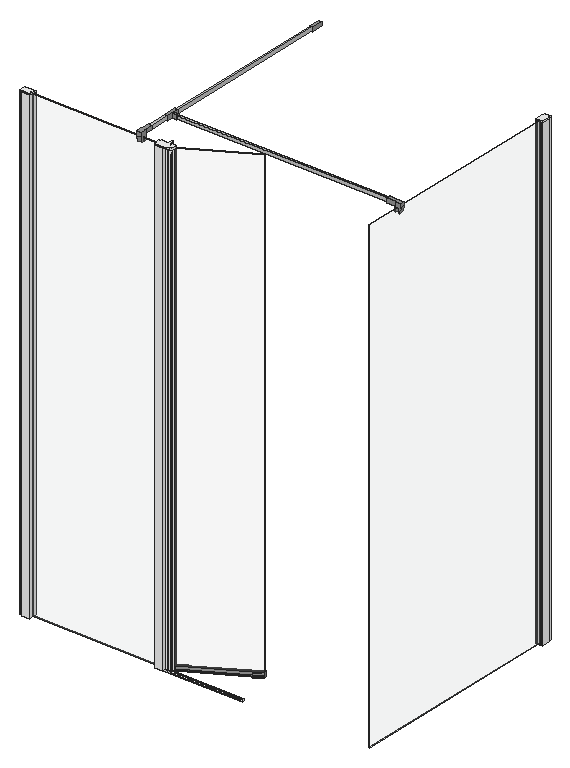
Revit family "Sanitary_Shower-screens_Duscholux_Giro_Separator-Fixed-Segnment+Pivot-door-180°+side-panel-90°-shower", category Plumbing Fixtures, Revit 2016
Family settings
  Part Type = Normal
  Round Connector Dimension = Use Diameter
  OmniClass Number = 23.45.00.00
  OmniClass Title = Sanitary, Laundry, and Cleaning Equipment
  Work Plane-Based = No
  Always vertical = Yes
  Cut with Voids When Loaded = No
  Shared = No
  Room Calculation Point = No
Parameters (values of type "White Aluminium Finish")
  Width = 900 mm
  Uniclass 2015 Description = "Shower Enclosures"
  Uniclass 2015 Code = "PR-40-20-06-79"
  URL = "http://www.duscholux.es/"
  UNSPSC Code = "30181507"
  Thickness Glass = 5 mm  # constant formula
  Technical Inspection Certificate (Applus) = "http://www.duscholux.es/resources/custom/var/APPLUS_en.pdf"
  Support Lenght = 900 mm
  Series = "Plus Evolution Giro"
  Region South America = "Consult"
  Region Oceania = "Consult"
  Region North America = "Consult"
  Region Middle East = "Consult"
  Region Europe = "AD, ES, FR, PT"
  Region Asia = "Consult"
  Region Antartica = "Consult"
  Region Africa = "Consult"
  Ref. = "71L / 71R"
  Products = "http://www.duscholux.es/mamparas_filtro.aspx?es"
  Product group = "Fixed panel"
  Product family = "Plus Evolution Giro"
  Opening System Image = "http://blob.duscholux.es/pluma512/SDIzq2f1pabatible180.gif"
  Opening System = "Pivot Door"
  Opening angle = -30.00°
  Offset angle support = 150 mm
  Offset Support = 120 mm
  Net Weight (Kg) = 49.4
  NBS Reference Description = "Shower Enclosures"
  NBS Reference Code = "45-35-70"
  Model = ""
  Min Max Width = if(Width < 700 mm, 700 mm, if(Width > 1400 mm, 1400 mm, Width))  # 900 mm
  Max Height = if(Height > 2000 mm, 2000 mm, Height)  # 1900 mm
  Manufacturer name = "Duscholux Ibérica, S.A."
  Manufacturer country = "Spain"
  Maintenance and Cleaning = "http://www.duscholux.es/mamparas_limpieza.aspx?en"
  Angle Support Lenght = Offset Support + Pivot door + Access  # 920 mm
  Image = "http://www.duscholux.es/resources/custom/img/mamparas/PLUS%20EVOLUTION%20GIRO/modelos/2F1PSDA/mampara_h.jpg"
  IFC Classification = "Furnishing Element"
  Height = 1900 mm
  Handle Material = White Finish
  Handle Height = Max Height / 2  # 950 mm
  Glass in Building UNE EN 12150 = "CE Conformity marking"
  Glass Material = Glass_Material-Duscholux
  Frame Material = White Aluminium Finish
  Fixed segment = Width - 300 mm  # 600 mm
  Fact Sheet = "http://blob.duscholux.es/enpdf2018/Giro2F1PSDB.pdf"
  Manufacturer = "Duscholux Ibérica, S.A."
  Environmental Management ISO 14001 = "ECOEMBES Certificate"
  Edition number = "1"
  Pivot door = Width - Fixed segment  # 300 mm
  Design country = "Spain / Germany"
  Description = "1 fixed segment + 1 pivot door at 180º + side panel 90º on partition wall"
  Date of publishing = ""
  Assembly Code = "C1030200"
  Configuration enclosure = "http://configuratumampara.duscholux.es/eCatalogo.aspx"
  Components = "Eropean components"
  Type Comments = ""
  Combinations = ""
  Certified Quality UNE EN 14428 = "http://www.duscholux.es/duscholux_downloads.aspx?es"
  COBIe Type Category = ""
  Brand = "Duscholux"
  Accesories Material = White Finish
  Access = 500 mm
Types (4, lengths in mm): name | Width | Support Lenght | Min Max Width | Angle Support Lenght | Handle Material | Frame Material | Fixed segment | Accesories Material | Access
  (no name) | 900 | 900 | 900 | 920 | White Finish | White Aluminium Finish | 600 | White Finish | 500
  Silver Matt Aluminium Finish | 1000 | 800 | 1000 | 820 | Matt Silver Aluminium Finish | Matt Silver Aluminium Finish | 700 | Plastic, Gray | 400
  Shiny Silver Finish | 1000 | 800 | 1000 | 820 | Matt Silver Aluminium Finish | Shiny Silver  Aluminium Finish | 700 | Plastic, Gray | 400
  White Aluminium Finish | 900 | 900 | 900 | 920 | White Finish | White Aluminium Finish | 600 | White Finish | 500
Reference planes
  plane 1 "Centro (Frontal/Posterior)": y = 0
  plane 2: z = 0
  plane 3 "Centro (Izquierda/Derecha)": x = 0
  plane 4: z = 1900
  plane 5: x = 900
  plane 6: z = 950
  plane 7: z = 0
  plane 8: z = 8
  plane 9: y = -15.3
  plane 10: z = 1896
  plane 11: x = 600
  plane 12: x = 480
  plane 13: y = 900
  plane 14: x = 1400
  plane 15: y = 150
Forms (mm)
  Extrusion 1, solid, material "Glass_Material-Duscholux" <- "Glass Material"
    sketch origin (595.09, 14.832, 0) x (0.866025, 0.5, 0) y (-0.5, 0.866025, 0)
      loop
        line (-0.257, -12.8) -> (-0.257, -17.8) -> (296.836, -17.8) -> (296.836, -12.8) -> (-0.257, -12.8)
    from 8 to 1892
  Extrusion 2, solid, material "White Aluminium Finish" <- "Frame Material", detail levels medium+fine
    sketch origin (0, 32.415, 0) x (0, 1, 0) y (0, 0, 1)
      loop
        line (-48.975, 0) -> (-39.375, 0) -> (-39.375, 3)
        arc (-39.375, 3) -> (-39.96, 4.414) -> (-41.375, 5) r 2
        line (-41.375, 5) -> (-46.975, 5)
        arc (-46.975, 5) -> (-48.389, 4.414) -> (-48.975, 3) r 2
        line (-48.975, 3) -> (-48.975, 0)
    from 612.745 to 900
  Extrusion 3, solid, material "White Aluminium Finish" <- "Frame Material"
    sketch origin (0, 0, 0) x (1, 0, 0) y (0, 1, 0)
      loop
        line (543.416, 9.29) -> (543.416, 1.79) -> (553.916, 1.79) -> (553.916, -6.21) -> (543.416, -6.21) -> (543.416, -13.71) -> (571.466, -13.71) -> (571.466, -12.36) -> (544.766, -12.36) -> (544.766, -7.555) -> (555.266, -7.555) -> (555.266, 3.135) -> (544.766, 3.135) -> (544.766, 7.94) -> (571.466, 7.94) -> (571.466, 9.29) -> (543.416, 9.29)
    from 0 to 1892
  Extrusion 4, solid, material "White Aluminium Finish" <- "Frame Material"
    sketch origin (0, 0, 0) x (1, 0, 0) y (0, 1, 0)
      loop
        line (43.002, 12.565) -> (11.652, 12.565) -> (11.652, 9.593) -> (41.752, 9.593) -> (41.752, 3.037) -> (31.002, 3.037) -> (31.002, -7.457) -> (41.752, -7.457) -> (41.752, -14.013) -> (11.652, -14.013) -> (11.652, -16.985) -> (43.002, -16.985) -> (43.002, -6.207) -> (32.502, -6.207) -> (32.502, 1.787) -> (43.002, 1.787) -> (43.002, 12.565)
    from 0 to 1892
  Extrusion 5, solid, material "White Aluminium Finish" <- "Frame Material"
    sketch origin (0, 0, 0) x (1, 0, 0) y (0, 1, 0)
      loop
        line (31.002, 9.392) -> (0, 9.392) -> (0, 7.892) -> (1.25, 7.892) -> (1.25, -12.308) -> (0, -12.308) -> (0, -13.808) -> (31.002, -13.808) -> (31.002, -12.308) -> (2.752, -12.308) -> (2.752, 7.892) -> (31.002, 7.892) -> (31.002, 9.392)
    from 0 to 1892
  Extrusion 6, solid, material "Glass_Material-Duscholux" <- "Glass Material"
    sketch origin (0, -2.21, 0) x (1, 0, 0) y (0, 1, 0)
      loop
        line (32.502, 2.5) -> (32.502, -2.5) -> (553.916, -2.5) -> (553.916, 2.5) -> (32.502, 2.5)
    from 0 to 1892
  Extrusion 7, solid, material "White Aluminium Finish" <- "Frame Material"
    sketch origin (73.4, 0, 0) x (1, 0, 0) y (0, 1, 0)
      loop
        line (508.517, 28.54) -> (504.867, 28.54) -> (504.867, 10.89) -> (478.367, 10.89) -> (478.367, 9.39) -> (503.497, 9.39) -> (503.497, -13.81) -> (476.567, -13.81) -> (476.567, -20.87) -> (509.417, -20.87) -> (509.417, -12.5) -> (512.866, -12.5) -> (518.371, -6)
        arc (518.371, -6) -> (516.367, -0.015) -> (518.255, 6.008) r 10.234
        line (518.255, 6.008) -> (512.866, 14) -> (512.866, 15.023) -> (511.24, 24.249) -> (508.517, 28.54)
    from 0 to 1892
  Extrusion 8, solid, material "White Finish" <- "Accesories Material", detail levels medium+fine
    sketch origin (0, 0, 0) x (1, 0, 0) y (0, 1, 0)
      loop
        line (582.817, -18) -> (612.745, -18) -> (612.745, -4.689) -> (605.148, -8.76)
        arc (605.148, -8.76) -> (597.932, -9.938) -> (591.771, -6) r 10.234
        line (591.771, -6) -> (586.266, -12.5) -> (582.817, -12.5) -> (582.817, -18)
    from 0 to 6
  Extrusion 9, solid, material "White Aluminium Finish" <- "Frame Material"
    sketch origin (600, 0, 0) x (0.866025, 0.5, 0) y (-0.5, 0.866025, 0)
      loop
        line (12.745, 4.857) -> (5.148, 8.929)
        arc (5.148, 8.929) -> (-10.234, 0.084) -> (5.148, -8.76) r 10.234
        line (5.148, -8.76) -> (12.745, -4.689) -> (12.745, -3.689) -> (2.907, -3.689) -> (2.907, 3.857) -> (12.745, 3.857) -> (12.745, 4.857)
      loop
        circle (0, 0.084) r 1.482
    from 0 to 1892
  Extrusion 10, solid, material "White Finish" <- "Accesories Material"
    sketch origin (0, 0, 0) x (1, 0, 0) y (0, 1, 0)
      loop
        line (43.002, 12.565) -> (11.652, 12.565) -> (11.652, 9.392) -> (0, 9.392) -> (0, -13.808) -> (11.652, -13.808) -> (11.652, -16.985) -> (43.002, -16.985) -> (43.002, 12.565)
    from 1892 to 1896
  Extrusion 11, solid, material "White Finish" <- "Accesories Material"
    sketch origin (0, 0, 0) x (1, 0, 0) y (0, 1, 0)
      loop
        line (551.767, 10.89) -> (551.767, 9.29) -> (543.416, 9.29) -> (543.416, -13.71) -> (549.967, -13.71) -> (549.967, -20.87) -> (582.409, -20.87) -> (604.754, -12.738)
        arc (604.754, -12.738) -> (613.673, 0) -> (604.754, 12.738) r 13.555
        line (604.754, 12.738) -> (585.429, 19.771) -> (584.64, 24.249) -> (581.917, 28.54) -> (578.267, 28.54) -> (578.267, 10.89) -> (551.767, 10.89)
    from 1892 to 1896
  Extrusion 12, solid, material "White Aluminium Finish" <- "Frame Material"
    sketch origin (0, 0, 0) x (1, 0, 0) y (0, 1, 0)
      loop
        line (1414.773, 888.348) -> (1411.8, 888.348) -> (1411.8, 858.248) -> (1405.245, 858.248) -> (1405.245, 868.998) -> (1394.75, 868.998) -> (1394.75, 858.248) -> (1388.195, 858.248) -> (1388.195, 888.348) -> (1385.223, 888.348) -> (1385.223, 856.998) -> (1396, 856.998) -> (1396, 867.498) -> (1403.995, 867.498) -> (1403.995, 856.998) -> (1414.773, 856.998) -> (1414.773, 888.348)
    from 0 to 1892
  Extrusion 13, solid, material "White Aluminium Finish" <- "Frame Material"
    sketch origin (0, 0, 0) x (1, 0, 0) y (0, 1, 0)
      loop
        line (1410.1, 897.248) -> (1410.1, 868.998) -> (1411.6, 868.998) -> (1411.6, 900) -> (1410.1, 900) -> (1410.1, 898.75) -> (1389.9, 898.75) -> (1389.9, 900) -> (1388.4, 900) -> (1388.4, 868.998) -> (1389.9, 868.998) -> (1389.9, 897.248) -> (1410.1, 897.248)
    from 0 to 1892
  Extrusion 14, solid, material "White Finish" <- "Accesories Material"
    sketch origin (0, 0, 0) x (1, 0, 0) y (0, 1, 0)
      loop
        line (1388.4, 900) -> (1388.4, 888.348) -> (1385.223, 888.348) -> (1385.223, 856.998) -> (1414.773, 856.998) -> (1414.773, 888.348) -> (1411.6, 888.348) -> (1411.6, 900) -> (1388.4, 900)
    from 1892 to 1896
  Extrusion 15, solid, material "Glass_Material-Duscholux" <- "Glass Material"
    sketch origin (0, 0, 0) x (1, 0, 0) y (0, 1, 0)
      loop
        line (1397.498, 867.498) -> (1397.498, 0) -> (1402.498, 0) -> (1402.498, 867.498) -> (1397.498, 867.498)
    from 0 to 1892
Lines and regions (mm)
  reference lines
    curve 1: line (600, 0, 0) -> (859.808, 150, 0)
  symbolic lines, detail levels fine
    curve 2: line (600, 0, 0) -> (600, 300, 0)
    curve 3: line (600, 0, 0) -> (600, -300, 0)
    curve 4: arc (600, 300, 0) -> (900, 0, 0) -> (600, -300, 0) r 300
Dimensions and locks
  "Thickness Glass": Extrusion 1 to Extrusion 1
  plane 8 to level = 8 mm
  "Max Height": plane 4 to level
  "Min Max Width": plane 3 "Centro (Izquierda/Derecha)" to plane 5
  "Handle Height": plane 6 to level
  locked: plane 4 to Extrusion 1 at 8
  locked: plane 4 to plane 10 at 4
  "Fixed segment": plane 3 "Centro (Izquierda/Derecha)" to plane 11
  "Pivot door": curve 1 to curve 1
  plane 3 "Centro (Izquierda/Derecha)" to Extrusion 10 = 43.002 mm
  locked: plane 11 to Extrusion 8 at 12.745
  "Offset Support": plane 12 to plane 11
  "Support Lenght": plane 1 "Centro (Frontal/Posterior)" to plane 13
  "Angle Support Lenght": plane 12 to plane 14
  "Offset angle support": plane 15 to plane 1 "Centro (Frontal/Posterior)"
  plane 5 to plane 14 = 500 mm
  locked: Extrusion 11 to plane 11 at 56.584
  "Pivot door": curve 2 to curve 2
  "Pivot door": nested 2 to curve 3
  "Opening angle": angle curve 1 to plane 1 "Centro (Frontal/Posterior)"
  aligned and locked: level to plane 2
  aligned and locked: Extrusion 1 to plane 8
  aligned and locked: Extrusion 1 to Extrusion 3
  aligned and locked: Extrusion 1 to Extrusion 4
  aligned and locked: Extrusion 1 to Extrusion 5
  aligned and locked: Extrusion 6 to Extrusion 3
  aligned and locked: Extrusion 6 to Extrusion 4
  aligned and locked: Extrusion 1 to Extrusion 6
  aligned and locked: Extrusion 1 to Extrusion 7
  aligned and locked: Extrusion 8 to plane 7
  aligned and locked: Extrusion 1 to Extrusion 9
  aligned and locked: plane 11 to curve 1
  aligned and locked: plane 1 "Centro (Frontal/Posterior)" to curve 1
  aligned and locked: Extrusion 10 to Extrusion 4
  aligned and locked: plane 10 to Extrusion 10
  aligned and locked: Extrusion 11 to Extrusion 1
  aligned and locked: plane 10 to Extrusion 11
  aligned and locked: Extrusion 1 to curve 1
  aligned and locked: nested 1 to Extrusion 9
  aligned and locked: Extrusion 2 to Extrusion 8
  aligned and locked: nested 1 to Extrusion 1
  aligned and locked: plane 5 to Extrusion 2
  aligned and locked: Extrusion 12 to Extrusion 1
  aligned and locked: Extrusion 13 to Extrusion 1
  aligned and locked: Extrusion 14 to Extrusion 12
  aligned and locked: plane 10 to Extrusion 14
  aligned and locked: Extrusion 12 to Extrusion 15 sketch curve
  aligned and locked: plane 1 "Centro (Frontal/Posterior)" to Extrusion 15
  aligned and locked: Extrusion 15 to Extrusion 1
  aligned and locked: plane 12 to nested 2
  aligned and locked: Extrusion 6 to nested 2
  aligned and locked: plane 13 to nested 2
  aligned and locked: Extrusion 11 to Extrusion 3
Automatic sketch dimensions
  Extrusion 2 sketch curve to level = 0 mm
  plane 9 to Extrusion 2 sketch curve = 1.259 mm
  Extrusion 2 sketch curve to Extrusion 2 sketch curve = 2 mm  (x2)
  Extrusion 2 sketch curve to Extrusion 2 sketch curve = 5.6 mm
  Extrusion 2 sketch curve to Extrusion 2 sketch curve = 3 mm
  Extrusion 12 sketch curve to plane 14 = 14.777 mm
  Extrusion 12 sketch curve to plane 14 = 5.25 mm
  Extrusion 12 sketch curve to Extrusion 12 sketch curve = 1.25 mm  (x4)
  plane 14 to Extrusion 12 sketch curve = 3.995 mm
  Extrusion 12 sketch curve to Extrusion 12 sketch curve = 6.555 mm
  Extrusion 12 sketch curve to Extrusion 12 sketch curve = 2.972 mm  (x2)
  Extrusion 12 sketch curve to plane 13 = 43.002 mm
  Extrusion 12 sketch curve to Extrusion 12 sketch curve = 0 mm
  Extrusion 12 sketch curve to Extrusion 12 sketch curve = 9.25 mm
  Extrusion 12 sketch curve to Extrusion 12 sketch curve = 1.5 mm
  Extrusion 12 sketch curve to plane 13 = 11.652 mm  (x2)
  Extrusion 13 sketch curve to plane 13 = 0 mm  (x2)
  Extrusion 13 sketch curve to plane 14 = 11.6 mm
  Extrusion 13 sketch curve to Extrusion 13 sketch curve = 1.5 mm  (x2)
  Extrusion 13 sketch curve to Extrusion 13 sketch curve = 0 mm  (x3)
  Extrusion 13 sketch curve to plane 13 = 2.752 mm
  plane 14 to Extrusion 13 sketch curve = 10.1 mm
  Extrusion 13 sketch curve to Extrusion 13 sketch curve = 28.25 mm
  Extrusion 13 sketch curve to plane 13 = 1.25 mm
  Extrusion 14 sketch curve to plane 13 = 0 mm
  Extrusion 14 sketch curve to plane 14 = 14.777 mm
  Extrusion 14 sketch curve to Extrusion 14 sketch curve = 3.177 mm
  Extrusion 14 sketch curve to Extrusion 14 sketch curve = 11.652 mm
  Extrusion 14 sketch curve to plane 13 = 11.652 mm
  Extrusion 14 sketch curve to Extrusion 14 sketch curve = 31.35 mm
  plane 14 to Extrusion 14 sketch curve = 11.6 mm
  Extrusion 14 sketch curve to Extrusion 14 sketch curve = 3.173 mm
  curve 1 to Extrusion 1 sketch curve = 0 mm
  Extrusion 1 sketch curve to curve 1 = 2.5 mm
  curve 1 to Extrusion 1 sketch curve = 2.5 mm
  curve 1 to Extrusion 1 sketch curve = 2.907 mm
  Extrusion 3 sketch curve to plane 1 "Centro (Frontal/Posterior)" = 9.29 mm
  plane 12 to Extrusion 3 sketch curve = 63.416 mm
  Extrusion 3 sketch curve to plane 9 = 1.59 mm
  Extrusion 3 sketch curve to Extrusion 3 sketch curve = 0 mm
  Extrusion 3 sketch curve to Extrusion 3 sketch curve = 1.35 mm  (x5)
  Extrusion 3 sketch curve to Extrusion 3 sketch curve = 9.15 mm
  Extrusion 3 sketch curve to Extrusion 3 sketch curve = 16.2 mm  (x2)
  Extrusion 3 sketch curve to Extrusion 3 sketch curve = 4.805 mm
  Extrusion 3 sketch curve to Extrusion 3 sketch curve = 1.345 mm  (x2)
  Extrusion 3 sketch curve to plane 1 "Centro (Frontal/Posterior)" = 1.79 mm
  Extrusion 4 sketch curve to plane 9 = 1.287 mm
  plane 3 "Centro (Izquierda/Derecha)" to Extrusion 4 sketch curve = 11.652 mm  (x2)
  Extrusion 4 sketch curve to plane 1 "Centro (Frontal/Posterior)" = 3.037 mm
  Extrusion 4 sketch curve to Extrusion 4 sketch curve = 19.35 mm
  Extrusion 4 sketch curve to Extrusion 4 sketch curve = 1.5 mm
  Extrusion 4 sketch curve to Extrusion 4 sketch curve = 9.25 mm  (x2)
  Extrusion 4 sketch curve to Extrusion 4 sketch curve = 1.25 mm  (x3)
  plane 9 to Extrusion 4 sketch curve = 1.685 mm
  Extrusion 4 sketch curve to Extrusion 4 sketch curve = 6.555 mm  (x2)
  Extrusion 4 sketch curve to plane 1 "Centro (Frontal/Posterior)" = 1.787 mm
  Extrusion 4 sketch curve to Extrusion 4 sketch curve = 2.972 mm
  Extrusion 5 sketch curve to plane 3 "Centro (Izquierda/Derecha)" = 0 mm  (x2)
  plane 3 "Centro (Izquierda/Derecha)" to Extrusion 5 sketch curve = 1.25 mm
  Extrusion 5 sketch curve to Extrusion 5 sketch curve = 1.502 mm
  Extrusion 5 sketch curve to plane 9 = 1.492 mm
  Extrusion 5 sketch curve to Extrusion 5 sketch curve = 28.25 mm
  Extrusion 5 sketch curve to plane 1 "Centro (Frontal/Posterior)" = 7.892 mm
  Extrusion 5 sketch curve to Extrusion 5 sketch curve = 0 mm  (x2)
  Extrusion 5 sketch curve to Extrusion 5 sketch curve = 1.5 mm  (x3)
  plane 1 "Centro (Frontal/Posterior)" to Extrusion 6 sketch curve = 4.71 mm
  plane 3 "Centro (Izquierda/Derecha)" to Extrusion 6 sketch curve = 32.502 mm
  Extrusion 6 sketch curve to plane 11 = 46.084 mm
  Extrusion 6 sketch curve to plane 1 "Centro (Frontal/Posterior)" = 0.29 mm
  Extrusion 7 sketch curve to plane 11 = 0 mm
  Extrusion 7 sketch curve to plane 11 = 8.229 mm
  Extrusion 7 sketch curve to plane 1 "Centro (Frontal/Posterior)" = 6.008 mm
  Extrusion 7 sketch curve to plane 11 = 8.345 mm
  Extrusion 7 sketch curve to Extrusion 7 sketch curve = 5.389 mm
  Extrusion 7 sketch curve to plane 9 = 2.8 mm
  Extrusion 7 sketch curve to Extrusion 7 sketch curve = 5.505 mm
  Extrusion 7 sketch curve to Extrusion 7 sketch curve = 1.627 mm
  Extrusion 7 sketch curve to Extrusion 7 sketch curve = 3.449 mm
  Extrusion 7 sketch curve to Extrusion 7 sketch curve = 2.722 mm
  Extrusion 7 sketch curve to Extrusion 7 sketch curve = 7.999 mm
  Extrusion 7 sketch curve to Extrusion 7 sketch curve = 1.37 mm
  Extrusion 7 sketch curve to plane 1 "Centro (Frontal/Posterior)" = 9.39 mm
  Extrusion 7 sketch curve to Extrusion 7 sketch curve = 25.13 mm
  plane 9 to Extrusion 7 sketch curve = 5.57 mm
  Extrusion 7 sketch curve to Extrusion 7 sketch curve = 26.93 mm
  Extrusion 7 sketch curve to plane 9 = 1.49 mm
  plane 1 "Centro (Frontal/Posterior)" to Extrusion 7 sketch curve = 6 mm
  Extrusion 7 sketch curve to Extrusion 7 sketch curve = 1.5 mm
  Extrusion 7 sketch curve to Extrusion 7 sketch curve = 3.11 mm
  Extrusion 7 sketch curve to Extrusion 7 sketch curve = 1.023 mm
  Extrusion 7 sketch curve to Extrusion 7 sketch curve = 9.227 mm
  Extrusion 7 sketch curve to Extrusion 7 sketch curve = 4.291 mm
  Extrusion 8 sketch curve to plane 11 = 0 mm
  Extrusion 8 sketch curve to plane 11 = 8.229 mm
  Extrusion 8 sketch curve to plane 9 = 2.8 mm
  Extrusion 8 sketch curve to Extrusion 8 sketch curve = 5.505 mm
  plane 9 to Extrusion 8 sketch curve = 2.7 mm
  Extrusion 8 sketch curve to Extrusion 8 sketch curve = 3.449 mm
  plane 11 to Extrusion 8 sketch curve = 5.148 mm
  Extrusion 8 sketch curve to Extrusion 8 sketch curve = 7.597 mm
  Extrusion 8 sketch curve to plane 9 = 6.54 mm
  plane 1 "Centro (Frontal/Posterior)" to Extrusion 8 sketch curve = 6 mm
  plane 1 "Centro (Frontal/Posterior)" to Extrusion 8 sketch curve = 4.689 mm
  Extrusion 9 sketch curve to Extrusion 9 sketch curve = 0 mm  (x7)
  Extrusion 9 sketch curve to curve 1 = 0 mm
  curve 1 to Extrusion 9 sketch curve = 0.084 mm
  curve 1 to Extrusion 9 sketch curve = 2.907 mm
  curve 1 to Extrusion 9 sketch curve = 5.148 mm  (x2)
  Extrusion 9 sketch curve to curve 1 = 3.857 mm
  Extrusion 9 sketch curve to Extrusion 9 sketch curve = 7.597 mm
  curve 1 to Extrusion 9 sketch curve = 3.689 mm
  Extrusion 9 sketch curve to Extrusion 9 sketch curve = 1 mm  (x2)
  Extrusion 9 sketch curve to curve 1 = 8.76 mm
  Extrusion 9 sketch curve to curve 1 = 1.482 mm
  Extrusion 10 sketch curve to plane 3 "Centro (Izquierda/Derecha)" = 0 mm
  plane 9 to Extrusion 10 sketch curve = 1.685 mm
  plane 3 "Centro (Izquierda/Derecha)" to Extrusion 10 sketch curve = 11.652 mm  (x2)
  Extrusion 10 sketch curve to Extrusion 10 sketch curve = 31.35 mm
  Extrusion 10 sketch curve to plane 9 = 1.492 mm
  Extrusion 10 sketch curve to plane 1 "Centro (Frontal/Posterior)" = 9.392 mm
  Extrusion 10 sketch curve to Extrusion 10 sketch curve = 3.173 mm
  plane 1 "Centro (Frontal/Posterior)" to Extrusion 11 sketch curve = 0 mm
  Extrusion 11 sketch curve to plane 1 "Centro (Frontal/Posterior)" = 9.29 mm
  plane 12 to Extrusion 11 sketch curve = 63.416 mm
  Extrusion 11 sketch curve to plane 9 = 1.59 mm
  Extrusion 11 sketch curve to Extrusion 11 sketch curve = 6.552 mm
  Extrusion 11 sketch curve to Extrusion 11 sketch curve = 8.352 mm
  Extrusion 11 sketch curve to plane 11 = 21.733 mm
  Extrusion 11 sketch curve to Extrusion 11 sketch curve = 3.65 mm
  plane 9 to Extrusion 11 sketch curve = 5.57 mm
  Extrusion 11 sketch curve to plane 11 = 17.591 mm
  Extrusion 11 sketch curve to Extrusion 11 sketch curve = 2.722 mm
  Extrusion 11 sketch curve to Extrusion 11 sketch curve = 0.79 mm
  plane 11 to Extrusion 11 sketch curve = 0.118 mm
  plane 11 to Extrusion 11 sketch curve = 4.754 mm  (x2)
  Extrusion 11 sketch curve to plane 9 = 2.562 mm
  Extrusion 11 sketch curve to Extrusion 11 sketch curve = 1.6 mm
  Extrusion 11 sketch curve to Extrusion 11 sketch curve = 8.881 mm
  Extrusion 11 sketch curve to Extrusion 11 sketch curve = 4.478 mm
  Extrusion 11 sketch curve to Extrusion 11 sketch curve = 4.291 mm
  Extrusion 15 sketch curve to plane 13 = 900 mm
  plane 14 to Extrusion 15 sketch curve = 2.498 mm
  Extrusion 15 sketch curve to plane 14 = 2.502 mm
  curve 2 to plane 11 = 0 mm
  plane 1 "Centro (Frontal/Posterior)" to curve 3 = 0 mm
Nested families
  nested 1: "Lower-Guide" at (611.037, 6.372, 8) x (0.866, 0.5, 0) z (0, 0, 1), type "Lower-Guide", detail levels fine
    with built-in parameter 1001306 0.94244 (stored number, unit not read)
  nested 2: "Wall Support angle" at (480, 0, 1892) x (0, 1, 0) z (0, 0, 1), type "Wall Support angle"
    with Lenght angle support 920 mm, Lenght 900 mm
Definition of nested family "Lower-Guide"
  Parameters (values of type "2353MA")
    built-in parameter 1001306 [instance] = 500 mm
  Reference planes
    plane 1 "Centro (Frontal/Posterior)": y = 0
    plane 2: z = 0
    plane 3 "Izquierda": x = 0
    plane 4 "Derecha": x = 500
    plane 5: z = 0
  Forms (mm)
    Extrusion 1, solid
      sketch origin (0, 0, 0) x (0, 1, 0) y (0, 0, 1)
        loop
          line (-4.2, 0) -> (-3, 12) -> (-4.5, 12) -> (-5.692, 0.15)
          arc (-5.692, 0.15) -> (-5.345, -0.968) -> (-4.3, -1.497) r 1.5
          line (-4.3, -1.497) -> (-4.3, -5.874)
          arc (-4.3, -5.874) -> (-3.9, -6.274) -> (-3.5, -5.874) r 0.4
          line (-3.5, -5.874) -> (-3.5, -1.5) -> (3.5, -1.5) -> (3.5, -7.653)
          arc (3.5, -7.653) -> (3.9, -8.053) -> (4.3, -7.653) r 0.4
          line (4.3, -7.653) -> (4.3, -1.508) -> (5.754, -1.508) -> (11.976, -3.947)
          arc (11.976, -3.947) -> (12.62, -3.771) -> (12.515, -3.111) r 0.5
          line (12.515, -3.111) -> (9.056, -1.58)
          arc (9.056, -1.58) -> (6.398, 0.585) -> (5.211, 3.802) r 6.5
          line (5.211, 3.802) -> (4.5, 12) -> (3, 12) -> (4.2, 0) -> (-4.2, 0)
      from 0 to 500
  Lines and regions (mm)
    reference lines
      curve 1: line (0, 0, 0) -> (500, 0, 0)
  Dimensions and locks
    "built-in parameter 1001306": plane 3 "Izquierda" to plane 4 "Derecha"
    aligned and locked: plane 4 "Derecha" to curve 1
    aligned and locked: plane 1 "Centro (Frontal/Posterior)" to curve 1
    aligned and locked: plane 3 "Izquierda" to curve 1
    aligned and locked: level to plane 2
    aligned and locked: plane 4 "Derecha" to Extrusion 1
  Automatic sketch dimensions
    Extrusion 1 sketch curve to level = 0 mm  (x2)
    Extrusion 1 sketch curve to Extrusion 1 sketch curve = 0.4 mm  (x3)
    Extrusion 1 sketch curve to Extrusion 1 sketch curve = 0 mm  (x2)
    Extrusion 1 sketch curve to Extrusion 1 sketch curve = 1.5 mm  (x2)
    Extrusion 1 sketch curve to Extrusion 1 sketch curve = 1.454 mm
    Extrusion 1 sketch curve to level = 1.58 mm
    Extrusion 1 sketch curve to Extrusion 1 sketch curve = 3.301 mm
    level to Extrusion 1 sketch curve = 4.364 mm
    Extrusion 1 sketch curve to Extrusion 1 sketch curve = 2.632 mm
    Extrusion 1 sketch curve to level = 3.947 mm
    Extrusion 1 sketch curve to Extrusion 1 sketch curve = 2.921 mm
    Extrusion 1 sketch curve to Extrusion 1 sketch curve = 0.224 mm
    Extrusion 1 sketch curve to level = 3.111 mm
    Extrusion 1 sketch curve to Extrusion 1 sketch curve = 0.315 mm
    Extrusion 1 sketch curve to level = 5.874 mm
    Extrusion 1 sketch curve to Extrusion 1 sketch curve = 1.778 mm
    Extrusion 1 sketch curve to level = 1.508 mm
    Extrusion 1 sketch curve to level = 1.5 mm
    Extrusion 1 sketch curve to Extrusion 1 sketch curve = 0.003 mm
    level to Extrusion 1 sketch curve = 12 mm
    level to Extrusion 1 sketch curve = 0.15 mm
    plane 1 "Centro (Frontal/Posterior)" to Extrusion 1 sketch curve = 3 mm
    plane 1 "Centro (Frontal/Posterior)" to Extrusion 1 sketch curve = 3.5 mm
    Extrusion 1 sketch curve to Extrusion 1 sketch curve = 0.1 mm  (x2)
    Extrusion 1 sketch curve to plane 1 "Centro (Frontal/Posterior)" = 3 mm
    Extrusion 1 sketch curve to plane 1 "Centro (Frontal/Posterior)" = 3.5 mm
    Extrusion 1 sketch curve to Extrusion 1 sketch curve = 0.799 mm
    level to Extrusion 1 sketch curve = 3.802 mm
Definition of nested family "Wall Support angle"
  Parameters (values of type "Wall Support angle")
    Offset angle supprt = 150 mm
    Lenght angle support = 600 mm
    Lenght = 700 mm
  Reference planes
    plane 1 "Center (Front/Back)": y = 0
    plane 2: z = 0
    plane 3 "Center (Left/Right)": x = 0
    plane 4: x = 700
    plane 5: x = 150
    plane 6: y = -600
  Forms (mm)
    Extrusion 1, solid
      sketch origin (11.441, 0, 35.625) x (1, 0, 0) y (0, 0, 1)
        loop
          line (-19.941, -52.625) -> (-2.941, -52.625) -> (-2.941, -15.625) -> (-22.941, -15.625) -> (-22.941, -32.625) -> (-19.941, -52.625)
      from -8.5 to 8.5
    Extrusion 2, void
      sketch origin (0, 0, 0) x (1, 0, 0) y (0, 0, 1)
        loop
          line (-5, 0) -> (-5, -17) -> (5, -17) -> (5, 0) -> (-5, 0)
      from -8.5 to 8.5
    Extrusion 3, solid
      sketch origin (0, 0, 0) x (1, 0, 0) y (0, 0, 1)
        loop
          line (11, 20) -> (11, 3) -> (43.5, 3) -> (43.5, 20) -> (11, 20)
      from -6 to 6
    Extrusion 4, solid
      sketch origin (0, 0, 0) x (1, 0, 0) y (0, 1, 0)
        loop
          line (8.5, -8.5) -> (11, -6) -> (11, 6) -> (8.5, 8.5) -> (8.5, -8.5)
      from -17 to 20
    Extrusion 5, solid
      sketch origin (0, 5.055, -43.851) x (0, 1, 0) y (0, 0, 1)
        loop
          line (-9.555, 48.351) -> (-0.555, 48.351) -> (-0.555, 62.351) -> (-9.555, 62.351) -> (-9.555, 48.351)
      from 43.5 to 124
    Extrusion 6, solid
      sketch origin (218.427, 0, -57.651) x (1, 0, 0) y (0, 0, 1)
        loop
          line (436.573, 77.651) -> (436.573, 60.651) -> (481.573, 60.651) -> (481.573, 77.651) -> (436.573, 77.651)
      from -6 to 6
    Extrusion 7, solid
      sketch origin (-125, -18.281, 0) x (1, 0, 0) y (0, 1, 0)
        loop
          line (249, 24.281) -> (249, 12.281) -> (269, 12.281) -> (269, -7.719) -> (281, -7.719) -> (281, 12.281) -> (301, 12.281) -> (301, 24.281) -> (249, 24.281)
      from 3 to 20
    Extrusion 8, solid
      sketch origin (0, 5.055, -43.851) x (0, 1, 0) y (0, 0, 1)
        loop
          line (-9.555, 48.351) -> (-0.555, 48.351) -> (-0.555, 62.351) -> (-9.555, 62.351) -> (-9.555, 48.351)
      from 176 to 655
    Extrusion 9, solid
      sketch origin (165.29, -239.559, 35.625) x (0, 1, 0) y (0, 0, 1)
        loop
          line (-368.941, -52.625) -> (-351.941, -52.625) -> (-351.941, -15.625) -> (-371.941, -15.625) -> (-371.941, -32.625) -> (-368.941, -52.625)
      from -23.79 to -6.79
    Extrusion 10, solid
      sketch origin (165.29, -251, 0) x (0, 1, 0) y (0, 0, 1)
        loop
          line (-338, 20) -> (-338, 3) -> (-305.5, 3) -> (-305.5, 20) -> (-338, 20)
      from -21.29 to -9.29
    Extrusion 11, solid
      sketch origin (165.29, -251, 0) x (0, 1, 0) y (-1, 0, 0)
        loop
          line (-340.5, 6.79) -> (-338, 9.29) -> (-338, 21.29) -> (-340.5, 23.79) -> (-340.5, 6.79)
      from -17 to 20
    Extrusion 12, solid
      sketch origin (170.346, 348.145, -43.851) x (1, 0, 0) y (0, 0, 1)
        loop
          line (-24.846, 48.351) -> (-15.846, 48.351) -> (-15.846, 62.351) -> (-24.846, 62.351) -> (-24.846, 48.351)
      from 374.145 to 904.645
    Extrusion 13, void
      sketch origin (0, 0, 0) x (0, 1, 0) y (0, 0, 1)
        loop
          line (-600, -17) -> (-595, -17) -> (-595, 0) -> (-605, 0) -> (-605, -17) -> (-600, -17)
      from 141.5 to 158.5
  Cuts and joins
    Extrusion 2 cuts Extrusion 1
    joined: Extrusion 1, Extrusion 3, Extrusion 4
    Extrusion 13 cuts Extrusion 9
    Extrusion 13 cuts Extrusion 10
    Extrusion 13 cuts Extrusion 11
    joined: Extrusion 9, Extrusion 10, Extrusion 11
  Dimensions and locks
    equal spacing: Extrusion 1, plane 1 "Center (Front/Back)", Extrusion 1
    cut or joined group of Extrusion 1, Extrusion 2, Extrusion 3, Extrusion 4 to plane 3 "Center (Left/Right)" = 43.5 mm
    locked: cut or joined group of Extrusion 1, Extrusion 2, Extrusion 3, Extrusion 4 to plane 3 "Center (Left/Right)" at 11.5
    "Lenght": plane 4 to plane 3 "Center (Left/Right)"
    locked: Extrusion 6 to Extrusion 6 at 45
    locked: cut or joined group of Extrusion 1, Extrusion 2, Extrusion 3, Extrusion 4 to level at 20
    locked: level to cut or joined group of Extrusion 1, Extrusion 2, Extrusion 3, Extrusion 4 at 17
    "Offset angle supprt": plane 3 "Center (Left/Right)" to plane 5
    Extrusion 7 to plane 5 to Extrusion 7 = 26 mm locked, 26 mm locked
    locked: Extrusion 7 to Extrusion 5 at 21.5
    locked: plane 5 to cut or joined group of Extrusion 9, Extrusion 10, Extrusion 11, Extrusion 13 at 8.5
    locked: cut or joined group of Extrusion 9, Extrusion 10, Extrusion 11, Extrusion 13 to plane 5 at 8.5
    cut or joined group of Extrusion 9, Extrusion 10, Extrusion 11, Extrusion 13 to plane 5 to cut or joined group of Extrusion 9, Extrusion 10, Extrusion 11, Extrusion 13 = 6 mm locked, 6 mm locked
    "Lenght angle support": plane 1 "Center (Front/Back)" to plane 6
    locked: cut or joined group of Extrusion 9, Extrusion 10, Extrusion 11, Extrusion 13 to plane 6 at 43.5
    locked: cut or joined group of Extrusion 9, Extrusion 10, Extrusion 11, Extrusion 13 to plane 6 at 11.5
    aligned and locked: level to plane 2
    aligned and locked: Extrusion 1 to Extrusion 2
    aligned and locked: Extrusion 2 to Extrusion 1
    aligned and locked: Extrusion 3 to Extrusion 4
    aligned and locked: cut or joined group of Extrusion 1, Extrusion 2, Extrusion 3, Extrusion 4 to Extrusion 4  (x2)
    aligned and locked: Extrusion 5 to cut or joined group of Extrusion 1, Extrusion 2, Extrusion 3, Extrusion 4
    aligned and locked: plane 4 to Extrusion 6
    aligned and locked: Extrusion 6 to cut or joined group of Extrusion 1, Extrusion 2, Extrusion 3, Extrusion 4
    aligned and locked: cut or joined group of Extrusion 1, Extrusion 2, Extrusion 3, Extrusion 4 to Extrusion 6
    aligned and locked: Extrusion 7 to cut or joined group of Extrusion 1, Extrusion 2, Extrusion 3, Extrusion 4
    aligned and locked: cut or joined group of Extrusion 1, Extrusion 2, Extrusion 3, Extrusion 4 to Extrusion 7
    aligned and locked: Extrusion 5 to Extrusion 7
    aligned and locked: Extrusion 8 to Extrusion 6
    aligned and locked: Extrusion 8 to Extrusion 7
    aligned and locked: Extrusion 11 to Extrusion 10
    aligned and locked: Extrusion 12 to Extrusion 7
    aligned and locked: Extrusion 12 to Extrusion 10
    aligned and locked: Extrusion 13 to Extrusion 9
    aligned and locked: Extrusion 9 to Extrusion 13
  Automatic sketch dimensions
    level to Extrusion 1 sketch curve = 3 mm
    Extrusion 1 sketch curve to plane 3 "Center (Left/Right)" = 11.5 mm
    Extrusion 1 sketch curve to plane 3 "Center (Left/Right)" = 8.5 mm
    plane 3 "Center (Left/Right)" to Extrusion 1 sketch curve = 8.5 mm
    Extrusion 1 sketch curve to level = 17 mm
    Extrusion 1 sketch curve to Extrusion 1 sketch curve = 17 mm
    Extrusion 2 sketch curve to level = 0 mm
    Extrusion 2 sketch curve to plane 3 "Center (Left/Right)" = 5 mm
    plane 3 "Center (Left/Right)" to Extrusion 2 sketch curve = 5 mm
    Extrusion 2 sketch curve to Extrusion 2 sketch curve = 17 mm
    plane 3 "Center (Left/Right)" to Extrusion 3 sketch curve = 11 mm
    level to Extrusion 3 sketch curve = 3 mm
    Extrusion 3 sketch curve to Extrusion 3 sketch curve = 32.5 mm
    Extrusion 3 sketch curve to Extrusion 3 sketch curve = 17 mm
    plane 3 "Center (Left/Right)" to Extrusion 4 sketch curve = 8.5 mm
    Extrusion 4 sketch curve to Extrusion 4 sketch curve = 2.5 mm  (x3)
    plane 1 "Center (Front/Back)" to Extrusion 4 sketch curve = 8.5 mm
    Extrusion 4 sketch curve to plane 1 "Center (Front/Back)" = 6 mm
    plane 1 "Center (Front/Back)" to Extrusion 5 sketch curve = 4.5 mm
    Extrusion 5 sketch curve to plane 1 "Center (Front/Back)" = 4.5 mm
    level to Extrusion 5 sketch curve = 4.5 mm
    Extrusion 5 sketch curve to Extrusion 5 sketch curve = 14 mm
    Extrusion 6 sketch curve to plane 4 = 0 mm
    level to Extrusion 6 sketch curve = 20 mm
    Extrusion 6 sketch curve to plane 4 = 45 mm
    level to Extrusion 6 sketch curve = 3 mm
    plane 1 "Center (Front/Back)" to Extrusion 7 sketch curve = 6 mm  (x2)
    plane 5 to Extrusion 7 sketch curve = 26 mm
    plane 5 to Extrusion 7 sketch curve = 6 mm
    Extrusion 7 sketch curve to plane 5 = 6 mm
    Extrusion 7 sketch curve to plane 1 "Center (Front/Back)" = 6 mm
    Extrusion 7 sketch curve to Extrusion 7 sketch curve = 20 mm  (x2)
    plane 1 "Center (Front/Back)" to Extrusion 8 sketch curve = 4.5 mm
    Extrusion 8 sketch curve to plane 1 "Center (Front/Back)" = 4.5 mm
    level to Extrusion 8 sketch curve = 4.5 mm
    Extrusion 8 sketch curve to Extrusion 8 sketch curve = 14 mm
    level to Extrusion 9 sketch curve = 3 mm
    plane 1 "Center (Front/Back)" to Extrusion 9 sketch curve = 611.5 mm
    Extrusion 9 sketch curve to Extrusion 9 sketch curve = 3 mm
    Extrusion 9 sketch curve to Extrusion 9 sketch curve = 17 mm  (x2)
    Extrusion 9 sketch curve to level = 17 mm
    level to Extrusion 10 sketch curve = 20 mm
    plane 1 "Center (Front/Back)" to Extrusion 10 sketch curve = 589 mm
    level to Extrusion 10 sketch curve = 3 mm
    Extrusion 10 sketch curve to Extrusion 10 sketch curve = 32.5 mm
    plane 5 to Extrusion 11 sketch curve = 8.5 mm
    plane 1 "Center (Front/Back)" to Extrusion 11 sketch curve = 591.5 mm
    plane 5 to Extrusion 11 sketch curve = 6 mm
    Extrusion 11 sketch curve to Extrusion 11 sketch curve = 2.5 mm  (x2)
    Extrusion 11 sketch curve to plane 5 = 6 mm
    level to Extrusion 12 sketch curve = 4.5 mm
    plane 5 to Extrusion 12 sketch curve = 4.5 mm
    Extrusion 12 sketch curve to Extrusion 12 sketch curve = 9 mm
    Extrusion 12 sketch curve to Extrusion 12 sketch curve = 14 mm
    Extrusion 13 sketch curve to level = 0 mm
    Extrusion 13 sketch curve to plane 6 = 0 mm
    Extrusion 13 sketch curve to plane 6 = 5 mm
    plane 6 to Extrusion 13 sketch curve = 5 mm
    Extrusion 13 sketch curve to level = 17 mm
